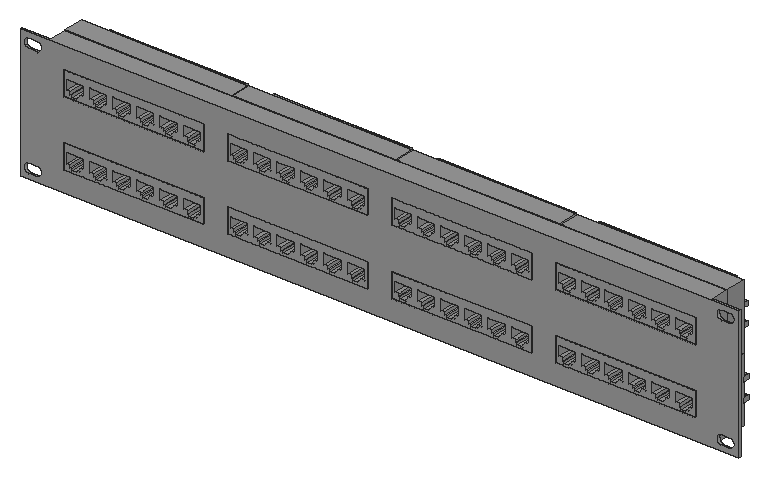
Revit family "ITK_Патч-панель 19-дюймовое крепление_2U_категория 5E UTP GENERICA_48 портов", category Обобщенные модели, Revit 2019
Family settings
  Может служить основой для арматурных стержней = Нет
  Размер круглого соединителя = Использовать диаметр
  Тип детали = Нормальный
  На основе рабочей плоскости = Нет
  Всегда вертикально = Да
  При загрузке вырезать с полостями = Нет
  Общий = Нет
  Точка расчета площади = Нет
Parameters (values of type "PP48-2UC5EU-K05-G")
  Ширина = 482.6 mm
  Материал = Окраска - RAL 9005
  Изготовитель = "ITK"  # constant formula
  Дата изменения = ""
  Глубина = 37.3 mm
  Высота = 88 mm
  URL = "https://www.iek.ru/"
  KSI_CPr_Строительные изделия = "27.12.31.61.1.04.09-1090"  # constant formula
  KSI_CMa_Строительные материалы = "10.03.02.06"  # constant formula
  IEK_Цена за единицу = 3690.22
  IEK_Поиск в таблице имен = ""
  IEK_Описание = "Патч-панели для монтажа в 19\" шкаф или стойку соответствуют стандарту 19\" (482,6 мм), имеют отверстия с левой и правой стороны для крепления на профиль, производятся высотой 1 или 2 юнита.\r\nНа передней стороне все патч-панели ITK имеют специальную площадку для дополнительной маркировки и цифровую нумерацию портов, на обратной стороне модули IDC имеют цветовую и цифровую нумерацию. Патч-панели соответствуют международным стандартам. Поставляются в картонной коробке с крепежом."
  IEK_URL = "https://generica.su/catalog/?page=detail&article=PP48-2UC5EU-K05-G"
  ADSK_Примечание = ""
  ADSK_Позиция [instance] = ""
  ADSK_Наименование = "Патч-панель 2U кат. 5Е UTP 48 портов (Krone) GENERICA"
  ADSK_Материал обозначение = ""
  ADSK_Материал наименование = "Металл и АБС-пластик"  # constant formula
  ADSK_Масса = 0
  ADSK_Марка = ""  # constant formula
  ADSK_Код изделия = "PP48-2UC5EU-K05-G"
  ADSK_Завод-изготовитель = "IEK"  # constant formula
  ADSK_Единица измерения = "шт"  # constant formula
  ADSK_Группирование = "I. ЩИТЫ И ПУЛЬТЫ"  # constant formula
  ADSK_Версия семейства = "1.0"  # constant formula
  ADSK_Версия Revit = "2019"  # constant formula
  ADSK_URL страницы изделия = "https://generica.su/catalog/?page=section&id=4935"
Reference planes
  plane 1 "По центру (Вперед/Назад)": y = 0
  plane 2: z = 0
  plane 3 "По центру (Влево/Вправо)": x = 0
Forms (mm)
  Extrusion 1, solid, material "Окраска - RAL 9005" <- "Материал", detail levels fine
    sketch origin (0, 0, 0) x (1, 0, 0) y (0, 1, 0)
      loop
        line (222, 1.5) -> (222, 27.5) -> (-222, 27.5) -> (-222, 1.5) -> (-241, 1.5) -> (-241, 0) -> (241, 0) -> (241, 1.5) -> (222, 1.5)
    from 88 to 0
  Extrusion 2, void
    sketch origin (0, 0, 0) x (1, 0, 0) y (0, 0, 1)
      loop
        line (-222, 0) -> (222, 0) -> (222, 88) -> (-222, 88) -> (-222, 0)
      loop
        line (221.8, 87.8) -> (-221.8, 87.8) -> (-221.8, 43.8) -> (-221.8, 0.2) -> (221.8, 0.2) -> (221.8, 87.8)
    from -13.5 to -13.7
  Extrusion 3, void
    sketch origin (0, 0, 0) x (1, 0, 0) y (0, 1, 0)
      loop
        line (-110.25, 31.5) -> (-110.25, 13.5) -> (-109.457, 13.5) -> (-109.457, 31.5) -> (-110.25, 31.5)
      loop
        line (-0.25, 31.5) -> (-0.25, 13.5) -> (0.543, 13.5) -> (0.543, 31.5) -> (-0.25, 31.5)
      loop
        line (109.75, 31.5) -> (109.75, 13.5) -> (110.543, 13.5) -> (110.543, 31.5) -> (109.75, 31.5)
    from 88 to 0
  Extrusion 4, solid, material "Окраска - RAL 9005" <- "Материал", detail levels fine
    sketch origin (0, 0, 0) x (0, 1, 0) y (0, 0, 1)
      loop
        line (35.5, 35) -> (37.5, 36.155) -> (37.5, 37.845) -> (35.5, 39) -> (31, 39) -> (31, 40) -> (29.5, 40) -> (28.5, 39) -> (27.5, 40) -> (27.5, 34) -> (28.5, 35) -> (29.5, 34) -> (31, 34) -> (31, 35) -> (35.5, 35)
      loop
        line (35.5, 5) -> (37.5, 6.155) -> (37.5, 7.845) -> (35.5, 9) -> (31, 9) -> (31, 10) -> (29.5, 10) -> (28.5, 9) -> (27.5, 10) -> (27.5, 4) -> (28.5, 5) -> (29.5, 4) -> (31, 4) -> (31, 5) -> (35.5, 5)
      loop
        line (35.5, 79) -> (37.5, 80.155) -> (37.5, 81.845) -> (35.5, 83) -> (31, 83) -> (31, 84) -> (29.5, 84) -> (28.5, 83) -> (27.5, 84) -> (27.5, 78) -> (28.5, 79) -> (29.5, 78) -> (31, 78) -> (31, 79) -> (35.5, 79)
      loop
        line (35.5, 49) -> (37.5, 50.155) -> (37.5, 51.845) -> (35.5, 53) -> (31, 53) -> (31, 54) -> (29.5, 54) -> (28.5, 53) -> (27.5, 54) -> (27.5, 48) -> (28.5, 49) -> (29.5, 48) -> (31, 48) -> (31, 49) -> (35.5, 49)
    from -118.225 to -209.525
  Extrusion 5, solid, material "Окраска - RAL 9005" <- "Материал", detail levels fine
    sketch origin (110, 0, 0) x (0, 1, 0) y (0, 0, 1)
      loop
        line (35.5, 35) -> (37.5, 36.155) -> (37.5, 37.845) -> (35.5, 39) -> (31, 39) -> (31, 40) -> (29.5, 40) -> (28.5, 39) -> (27.5, 40) -> (27.5, 34) -> (28.5, 35) -> (29.5, 34) -> (31, 34) -> (31, 35) -> (35.5, 35)
      loop
        line (35.5, 5) -> (37.5, 6.155) -> (37.5, 7.845) -> (35.5, 9) -> (31, 9) -> (31, 10) -> (29.5, 10) -> (28.5, 9) -> (27.5, 10) -> (27.5, 4) -> (28.5, 5) -> (29.5, 4) -> (31, 4) -> (31, 5) -> (35.5, 5)
    from -118.225 to -209.525
  Extrusion 6, solid, material "Окраска - RAL 9005" <- "Материал", detail levels fine
    sketch origin (220, 0, 0) x (0, 1, 0) y (0, 0, 1)
      loop
        line (35.5, 35) -> (37.5, 36.155) -> (37.5, 37.845) -> (35.5, 39) -> (31, 39) -> (31, 40) -> (29.5, 40) -> (28.5, 39) -> (27.5, 40) -> (27.5, 34) -> (28.5, 35) -> (29.5, 34) -> (31, 34) -> (31, 35) -> (35.5, 35)
      loop
        line (35.5, 5) -> (37.5, 6.155) -> (37.5, 7.845) -> (35.5, 9) -> (31, 9) -> (31, 10) -> (29.5, 10) -> (28.5, 9) -> (27.5, 10) -> (27.5, 4) -> (28.5, 5) -> (29.5, 4) -> (31, 4) -> (31, 5) -> (35.5, 5)
    from -118.225 to -209.525
  Extrusion 7, solid, material "Окраска - RAL 9005" <- "Материал", detail levels fine
    sketch origin (330, 0, 0) x (0, 1, 0) y (0, 0, 1)
      loop
        line (35.5, 35) -> (37.5, 36.155) -> (37.5, 37.845) -> (35.5, 39) -> (31, 39) -> (31, 40) -> (29.5, 40) -> (28.5, 39) -> (27.5, 40) -> (27.5, 34) -> (28.5, 35) -> (29.5, 34) -> (31, 34) -> (31, 35) -> (35.5, 35)
      loop
        line (35.5, 5) -> (37.5, 6.155) -> (37.5, 7.845) -> (35.5, 9) -> (31, 9) -> (31, 10) -> (29.5, 10) -> (28.5, 9) -> (27.5, 10) -> (27.5, 4) -> (28.5, 5) -> (29.5, 4) -> (31, 4) -> (31, 5) -> (35.5, 5)
    from -118.225 to -209.525
  Extrusion 8, solid, material "Окраска - RAL 9005" <- "Материал", detail levels fine
    sketch origin (0, 0, 0) x (0, 1, 0) y (0, 0, 1)
      loop
        line (27.5, 17.25) -> (27.5, 14.25) -> (31.5, 14.25) -> (31.5, 17.25) -> (27.5, 17.25)
      loop
        line (27.5, 26.75) -> (31.5, 26.75) -> (31.5, 29.75) -> (27.5, 29.75) -> (27.5, 26.75)
    from 9.25 to 0.543
  Extrusion 9, solid, material "Окраска - RAL 9005" <- "Материал", detail levels fine
    sketch origin (-9.5, 0, 0) x (0, 1, 0) y (0, 0, 1)
      loop
        line (27.5, 17.25) -> (27.5, 14.25) -> (31.5, 14.25) -> (31.5, 17.25) -> (27.5, 17.25)
      loop
        line (27.5, 26.75) -> (31.5, 26.75) -> (31.5, 29.75) -> (27.5, 29.75) -> (27.5, 26.75)
    from 9.25 to 0.543
  Extrusion 10, solid, material "Окраска - RAL 9005" <- "Материал", detail levels fine
    sketch origin (-110, 0, 0) x (0, 1, 0) y (0, 0, 1)
      loop
        line (27.5, 17.25) -> (27.5, 14.25) -> (31.5, 14.25) -> (31.5, 17.25) -> (27.5, 17.25)
      loop
        line (27.5, 26.75) -> (31.5, 26.75) -> (31.5, 29.75) -> (27.5, 29.75) -> (27.5, 26.75)
    from 9.25 to 0.543
  Extrusion 11, solid, material "Окраска - RAL 9005" <- "Материал", detail levels fine
    sketch origin (-119.5, 0, 0) x (0, 1, 0) y (0, 0, 1)
      loop
        line (27.5, 17.25) -> (27.5, 14.25) -> (31.5, 14.25) -> (31.5, 17.25) -> (27.5, 17.25)
      loop
        line (27.5, 26.75) -> (31.5, 26.75) -> (31.5, 29.75) -> (27.5, 29.75) -> (27.5, 26.75)
    from 9.25 to 0.543
  Extrusion 12, solid, material "Окраска - RAL 9005" <- "Материал", detail levels fine
    sketch origin (-222.25, 0, 0) x (0, 1, 0) y (0, 0, 1)
      loop
        line (27.5, 17.25) -> (27.5, 14.25) -> (31.5, 14.25) -> (31.5, 17.25) -> (27.5, 17.25)
      loop
        line (27.5, 26.75) -> (31.5, 26.75) -> (31.5, 29.75) -> (27.5, 29.75) -> (27.5, 26.75)
      loop
        line (27.5, 61.25) -> (27.5, 58.25) -> (31.5, 58.25) -> (31.5, 61.25) -> (27.5, 61.25)
      loop
        line (27.5, 70.75) -> (31.5, 70.75) -> (31.5, 73.75) -> (27.5, 73.75) -> (27.5, 70.75)
    from 9.25 to 0.543
  Extrusion 13, solid, material "Окраска - RAL 9005" <- "Материал", detail levels fine
    sketch origin (110, 0, 0) x (0, 1, 0) y (0, 0, 1)
      loop
        line (27.5, 17.25) -> (27.5, 14.25) -> (31.5, 14.25) -> (31.5, 17.25) -> (27.5, 17.25)
      loop
        line (27.5, 26.75) -> (31.5, 26.75) -> (31.5, 29.75) -> (27.5, 29.75) -> (27.5, 26.75)
    from 9.25 to 0.543
  Extrusion 14, solid, material "Окраска - RAL 9005" <- "Материал", detail levels fine
    sketch origin (100.5, 0, 0) x (0, 1, 0) y (0, 0, 1)
      loop
        line (27.5, 17.25) -> (27.5, 14.25) -> (31.5, 14.25) -> (31.5, 17.25) -> (27.5, 17.25)
      loop
        line (27.5, 26.75) -> (31.5, 26.75) -> (31.5, 29.75) -> (27.5, 29.75) -> (27.5, 26.75)
    from 9.25 to 0.543
  Extrusion 15, solid, material "Окраска - RAL 9005" <- "Материал", detail levels fine
    sketch origin (212.75, 0, 0) x (0, 1, 0) y (0, 0, 1)
      loop
        line (27.5, 17.25) -> (27.5, 14.25) -> (31.5, 14.25) -> (31.5, 17.25) -> (27.5, 17.25)
      loop
        line (27.5, 26.75) -> (31.5, 26.75) -> (31.5, 29.75) -> (27.5, 29.75) -> (27.5, 26.75)
    from 9.25 to 0.543
  Extrusion 16, void
    sketch origin (0, 0, 0) x (1, 0, 0) y (0, 0, 1)
      loop
        line (-118.2, 30.05) -> (-211.8, 30.05) -> (-211.8, 13.95) -> (-118.2, 13.95) -> (-118.2, 30.05)
      loop
        line (-212, 30.25) -> (-212, 13.75) -> (-118, 13.75) -> (-118, 30.25) -> (-212, 30.25)
      loop
        arc (-234.65, 9.85) -> (-238, 6.5) -> (-234.65, 3.15) r 3.35
        line (-234.65, 3.15) -> (-229.85, 3.15)
        arc (-229.85, 3.15) -> (-227.481, 4.131) -> (-226.5, 6.5) r 3.35
        arc (-226.5, 6.5) -> (-227.481, 8.869) -> (-229.85, 9.85) r 3.35
        line (-229.85, 9.85) -> (-234.65, 9.85)
      loop
        line (-8.2, 30.05) -> (-101.8, 30.05) -> (-101.8, 13.95) -> (-8.2, 13.95) -> (-8.2, 30.05)
      loop
        line (-102, 30.25) -> (-102, 13.75) -> (-8, 13.75) -> (-8, 30.25) -> (-102, 30.25)
      loop
        line (8, 30.25) -> (8, 13.75) -> (102, 13.75) -> (102, 30.25) -> (8, 30.25)
      loop
        line (101.8, 30.05) -> (8.2, 30.05) -> (8.2, 13.95) -> (101.8, 13.95) -> (101.8, 30.05)
      loop
        line (211.8, 30.05) -> (118.2, 30.05) -> (118.2, 13.95) -> (211.8, 13.95) -> (211.8, 30.05)
      loop
        line (118, 30.25) -> (118, 13.75) -> (212, 13.75) -> (212, 30.25) -> (118, 30.25)
      loop
        arc (229.85, 9.85) -> (226.5, 6.5) -> (229.85, 3.15) r 3.35
        line (229.85, 3.15) -> (234.65, 3.15)
        arc (234.65, 3.15) -> (237.019, 4.131) -> (238, 6.5) r 3.35
        arc (238, 6.5) -> (237.019, 8.869) -> (234.65, 9.85) r 3.35
        line (234.65, 9.85) -> (229.85, 9.85)
      loop
        line (-118.2, 74.05) -> (-211.8, 74.05) -> (-211.8, 57.95) -> (-118.2, 57.95) -> (-118.2, 74.05)
      loop
        line (-212, 74.25) -> (-212, 57.75) -> (-118, 57.75) -> (-118, 74.25) -> (-212, 74.25)
      loop
        line (-8.2, 74.05) -> (-101.8, 74.05) -> (-101.8, 57.95) -> (-8.2, 57.95) -> (-8.2, 74.05)
      loop
        line (-102, 74.25) -> (-102, 57.75) -> (-8, 57.75) -> (-8, 74.25) -> (-102, 74.25)
      loop
        line (8, 74.25) -> (8, 57.75) -> (102, 57.75) -> (102, 74.25) -> (8, 74.25)
      loop
        line (101.8, 74.05) -> (8.2, 74.05) -> (8.2, 57.95) -> (101.8, 57.95) -> (101.8, 74.05)
      loop
        line (211.8, 74.05) -> (118.2, 74.05) -> (118.2, 57.95) -> (211.8, 57.95) -> (211.8, 74.05)
      loop
        line (118, 74.25) -> (118, 57.75) -> (212, 57.75) -> (212, 74.25) -> (118, 74.25)
      loop
        line (-234.65, 78.15) -> (-229.85, 78.15)
        arc (-229.85, 78.15) -> (-227.481, 79.131) -> (-226.5, 81.5) r 3.35
        arc (-226.5, 81.5) -> (-227.481, 83.869) -> (-229.85, 84.85) r 3.35
        line (-229.85, 84.85) -> (-234.65, 84.85)
        arc (-234.65, 84.85) -> (-238, 81.5) -> (-234.65, 78.15) r 3.35
      loop
        line (229.85, 78.15) -> (234.65, 78.15)
        arc (234.65, 78.15) -> (237.019, 79.131) -> (238, 81.5) r 3.35
        arc (238, 81.5) -> (237.019, 83.869) -> (234.65, 84.85) r 3.35
        line (234.65, 84.85) -> (229.85, 84.85)
        arc (229.85, 84.85) -> (226.5, 81.5) -> (229.85, 78.15) r 3.35
    from -2 to 0
  Extrusion 17, void
    sketch origin (0, 0, 0) x (1, 0, 0) y (0, 0, 1)
      loop
        line (-198.4, 18.25) -> (-198.4, 25.05) -> (-210.1, 25.05) -> (-210.1, 18.25) -> (-207.5, 18.25) -> (-207.5, 16.55) -> (-206.25, 16.55) -> (-206.25, 15.25) -> (-202.25, 15.25) -> (-202.25, 16.55) -> (-201, 16.55) -> (-201, 18.25) -> (-198.4, 18.25)
      loop
        line (-182.7, 25.05) -> (-194.4, 25.05) -> (-194.4, 18.25) -> (-191.8, 18.25) -> (-191.8, 16.55) -> (-190.55, 16.55) -> (-190.55, 15.25) -> (-186.55, 15.25) -> (-186.55, 16.55) -> (-185.3, 16.55) -> (-185.3, 18.25) -> (-182.7, 18.25) -> (-182.7, 25.05)
      loop
        line (-167, 25.05) -> (-178.7, 25.05) -> (-178.7, 18.25) -> (-176.1, 18.25) -> (-176.1, 16.55) -> (-174.85, 16.55) -> (-174.85, 15.25) -> (-170.85, 15.25) -> (-170.85, 16.55) -> (-169.6, 16.55) -> (-169.6, 18.25) -> (-167, 18.25) -> (-167, 25.05)
      loop
        line (-151.3, 25.05) -> (-163, 25.05) -> (-163, 18.25) -> (-160.4, 18.25) -> (-160.4, 16.55) -> (-159.15, 16.55) -> (-159.15, 15.25) -> (-155.15, 15.25) -> (-155.15, 16.55) -> (-153.9, 16.55) -> (-153.9, 18.25) -> (-151.3, 18.25) -> (-151.3, 25.05)
      loop
        line (-135.6, 25.05) -> (-147.3, 25.05) -> (-147.3, 18.25) -> (-144.7, 18.25) -> (-144.7, 16.55) -> (-143.45, 16.55) -> (-143.45, 15.25) -> (-139.45, 15.25) -> (-139.45, 16.55) -> (-138.2, 16.55) -> (-138.2, 18.25) -> (-135.6, 18.25) -> (-135.6, 25.05)
      loop
        line (-131.6, 25.05) -> (-131.6, 18.25) -> (-129, 18.25) -> (-129, 16.55) -> (-127.75, 16.55) -> (-127.75, 15.25) -> (-123.75, 15.25) -> (-123.75, 16.55) -> (-122.5, 16.55) -> (-122.5, 18.25) -> (-119.9, 18.25) -> (-119.9, 25.05) -> (-131.6, 25.05)
      loop
        line (-88.4, 25.05) -> (-100.1, 25.05) -> (-100.1, 18.25) -> (-97.5, 18.25) -> (-97.5, 16.55) -> (-96.25, 16.55) -> (-96.25, 15.25) -> (-92.25, 15.25) -> (-92.25, 16.55) -> (-91, 16.55) -> (-91, 18.25) -> (-88.4, 18.25) -> (-88.4, 25.05)
      loop
        line (-84.4, 25.05) -> (-84.4, 18.25) -> (-81.8, 18.25) -> (-81.8, 16.55) -> (-80.55, 16.55) -> (-80.55, 15.25) -> (-76.55, 15.25) -> (-76.55, 16.55) -> (-75.3, 16.55) -> (-75.3, 18.25) -> (-72.7, 18.25) -> (-72.7, 25.05) -> (-84.4, 25.05)
      loop
        line (-68.7, 25.05) -> (-68.7, 18.25) -> (-66.1, 18.25) -> (-66.1, 16.55) -> (-64.85, 16.55) -> (-64.85, 15.25) -> (-60.85, 15.25) -> (-60.85, 16.55) -> (-59.6, 16.55) -> (-59.6, 18.25) -> (-57, 18.25) -> (-57, 25.05) -> (-68.7, 25.05)
      loop
        line (-53, 25.05) -> (-53, 18.25) -> (-50.4, 18.25) -> (-50.4, 16.55) -> (-49.15, 16.55) -> (-49.15, 15.25) -> (-45.15, 15.25) -> (-45.15, 16.55) -> (-43.9, 16.55) -> (-43.9, 18.25) -> (-41.3, 18.25) -> (-41.3, 25.05) -> (-53, 25.05)
      loop
        line (-21.6, 25.05) -> (-21.6, 18.25) -> (-19, 18.25) -> (-19, 16.55) -> (-17.75, 16.55) -> (-17.75, 15.25) -> (-13.75, 15.25) -> (-13.75, 16.55) -> (-12.5, 16.55) -> (-12.5, 18.25) -> (-9.9, 18.25) -> (-9.9, 25.05) -> (-21.6, 25.05)
      loop
        line (-37.3, 25.05) -> (-37.3, 18.25) -> (-34.7, 18.25) -> (-34.7, 16.55) -> (-33.45, 16.55) -> (-33.45, 15.25) -> (-29.45, 15.25) -> (-29.45, 16.55) -> (-28.2, 16.55) -> (-28.2, 18.25) -> (-25.6, 18.25) -> (-25.6, 25.05) -> (-37.3, 25.05)
      loop
        line (9.9, 25.05) -> (9.9, 18.25) -> (12.5, 18.25) -> (12.5, 16.55) -> (13.75, 16.55) -> (13.75, 15.25) -> (17.75, 15.25) -> (17.75, 16.55) -> (19, 16.55) -> (19, 18.25) -> (21.6, 18.25) -> (21.6, 25.05) -> (9.9, 25.05)
      loop
        line (25.6, 25.05) -> (25.6, 18.25) -> (28.2, 18.25) -> (28.2, 16.55) -> (29.45, 16.55) -> (29.45, 15.25) -> (33.45, 15.25) -> (33.45, 16.55) -> (34.7, 16.55) -> (34.7, 18.25) -> (37.3, 18.25) -> (37.3, 25.05) -> (25.6, 25.05)
      loop
        line (41.3, 25.05) -> (41.3, 18.25) -> (43.9, 18.25) -> (43.9, 16.55) -> (45.15, 16.55) -> (45.15, 15.25) -> (49.15, 15.25) -> (49.15, 16.55) -> (50.4, 16.55) -> (50.4, 18.25) -> (53, 18.25) -> (53, 25.05) -> (41.3, 25.05)
      loop
        line (57, 25.05) -> (57, 18.25) -> (59.6, 18.25) -> (59.6, 16.55) -> (60.85, 16.55) -> (60.85, 15.25) -> (64.85, 15.25) -> (64.85, 16.55) -> (66.1, 16.55) -> (66.1, 18.25) -> (68.7, 18.25) -> (68.7, 25.05) -> (57, 25.05)
      loop
        line (72.7, 25.05) -> (72.7, 18.25) -> (75.3, 18.25) -> (75.3, 16.55) -> (76.55, 16.55) -> (76.55, 15.25) -> (80.55, 15.25) -> (80.55, 16.55) -> (81.8, 16.55) -> (81.8, 18.25) -> (84.4, 18.25) -> (84.4, 25.05) -> (72.7, 25.05)
      loop
        line (88.4, 25.05) -> (88.4, 18.25) -> (91, 18.25) -> (91, 16.55) -> (92.25, 16.55) -> (92.25, 15.25) -> (96.25, 15.25) -> (96.25, 16.55) -> (97.5, 16.55) -> (97.5, 18.25) -> (100.1, 18.25) -> (100.1, 25.05) -> (88.4, 25.05)
      loop
        line (119.9, 25.05) -> (119.9, 18.25) -> (122.5, 18.25) -> (122.5, 16.55) -> (123.75, 16.55) -> (123.75, 15.25) -> (127.75, 15.25) -> (127.75, 16.55) -> (129, 16.55) -> (129, 18.25) -> (131.6, 18.25) -> (131.6, 25.05) -> (119.9, 25.05)
      loop
        line (135.6, 25.05) -> (135.6, 18.25) -> (138.2, 18.25) -> (138.2, 16.55) -> (139.45, 16.55) -> (139.45, 15.25) -> (143.45, 15.25) -> (143.45, 16.55) -> (144.7, 16.55) -> (144.7, 18.25) -> (147.3, 18.25) -> (147.3, 25.05) -> (135.6, 25.05)
      loop
        line (151.3, 25.05) -> (151.3, 18.25) -> (153.9, 18.25) -> (153.9, 16.55) -> (155.15, 16.55) -> (155.15, 15.25) -> (159.15, 15.25) -> (159.15, 16.55) -> (160.4, 16.55) -> (160.4, 18.25) -> (163, 18.25) -> (163, 25.05) -> (151.3, 25.05)
      loop
        line (167, 25.05) -> (167, 18.25) -> (169.6, 18.25) -> (169.6, 16.55) -> (170.85, 16.55) -> (170.85, 15.25) -> (174.85, 15.25) -> (174.85, 16.55) -> (176.1, 16.55) -> (176.1, 18.25) -> (178.7, 18.25) -> (178.7, 25.05) -> (167, 25.05)
      loop
        line (182.7, 25.05) -> (182.7, 18.25) -> (185.3, 18.25) -> (185.3, 16.55) -> (186.55, 16.55) -> (186.55, 15.25) -> (190.55, 15.25) -> (190.55, 16.55) -> (191.8, 16.55) -> (191.8, 18.25) -> (194.4, 18.25) -> (194.4, 25.05) -> (182.7, 25.05)
      loop
        line (198.4, 25.05) -> (198.4, 18.25) -> (201, 18.25) -> (201, 16.55) -> (202.25, 16.55) -> (202.25, 15.25) -> (206.25, 15.25) -> (206.25, 16.55) -> (207.5, 16.55) -> (207.5, 18.25) -> (210.1, 18.25) -> (210.1, 25.05) -> (198.4, 25.05)
      loop
        line (-198.4, 62.25) -> (-198.4, 69.05) -> (-210.1, 69.05) -> (-210.1, 62.25) -> (-207.5, 62.25) -> (-207.5, 60.55) -> (-206.25, 60.55) -> (-206.25, 59.25) -> (-202.25, 59.25) -> (-202.25, 60.55) -> (-201, 60.55) -> (-201, 62.25) -> (-198.4, 62.25)
      loop
        line (-182.7, 69.05) -> (-194.4, 69.05) -> (-194.4, 62.25) -> (-191.8, 62.25) -> (-191.8, 60.55) -> (-190.55, 60.55) -> (-190.55, 59.25) -> (-186.55, 59.25) -> (-186.55, 60.55) -> (-185.3, 60.55) -> (-185.3, 62.25) -> (-182.7, 62.25) -> (-182.7, 69.05)
      loop
        line (-167, 69.05) -> (-178.7, 69.05) -> (-178.7, 62.25) -> (-176.1, 62.25) -> (-176.1, 60.55) -> (-174.85, 60.55) -> (-174.85, 59.25) -> (-170.85, 59.25) -> (-170.85, 60.55) -> (-169.6, 60.55) -> (-169.6, 62.25) -> (-167, 62.25) -> (-167, 69.05)
      loop
        line (-151.3, 69.05) -> (-163, 69.05) -> (-163, 62.25) -> (-160.4, 62.25) -> (-160.4, 60.55) -> (-159.15, 60.55) -> (-159.15, 59.25) -> (-155.15, 59.25) -> (-155.15, 60.55) -> (-153.9, 60.55) -> (-153.9, 62.25) -> (-151.3, 62.25) -> (-151.3, 69.05)
      loop
        line (-135.6, 69.05) -> (-147.3, 69.05) -> (-147.3, 62.25) -> (-144.7, 62.25) -> (-144.7, 60.55) -> (-143.45, 60.55) -> (-143.45, 59.25) -> (-139.45, 59.25) -> (-139.45, 60.55) -> (-138.2, 60.55) -> (-138.2, 62.25) -> (-135.6, 62.25) -> (-135.6, 69.05)
      loop
        line (-131.6, 69.05) -> (-131.6, 62.25) -> (-129, 62.25) -> (-129, 60.55) -> (-127.75, 60.55) -> (-127.75, 59.25) -> (-123.75, 59.25) -> (-123.75, 60.55) -> (-122.5, 60.55) -> (-122.5, 62.25) -> (-119.9, 62.25) -> (-119.9, 69.05) -> (-131.6, 69.05)
      loop
        line (-88.4, 69.05) -> (-100.1, 69.05) -> (-100.1, 62.25) -> (-97.5, 62.25) -> (-97.5, 60.55) -> (-96.25, 60.55) -> (-96.25, 59.25) -> (-92.25, 59.25) -> (-92.25, 60.55) -> (-91, 60.55) -> (-91, 62.25) -> (-88.4, 62.25) -> (-88.4, 69.05)
      loop
        line (-84.4, 69.05) -> (-84.4, 62.25) -> (-81.8, 62.25) -> (-81.8, 60.55) -> (-80.55, 60.55) -> (-80.55, 59.25) -> (-76.55, 59.25) -> (-76.55, 60.55) -> (-75.3, 60.55) -> (-75.3, 62.25) -> (-72.7, 62.25) -> (-72.7, 69.05) -> (-84.4, 69.05)
      loop
        line (-68.7, 69.05) -> (-68.7, 62.25) -> (-66.1, 62.25) -> (-66.1, 60.55) -> (-64.85, 60.55) -> (-64.85, 59.25) -> (-60.85, 59.25) -> (-60.85, 60.55) -> (-59.6, 60.55) -> (-59.6, 62.25) -> (-57, 62.25) -> (-57, 69.05) -> (-68.7, 69.05)
      loop
        line (-53, 69.05) -> (-53, 62.25) -> (-50.4, 62.25) -> (-50.4, 60.55) -> (-49.15, 60.55) -> (-49.15, 59.25) -> (-45.15, 59.25) -> (-45.15, 60.55) -> (-43.9, 60.55) -> (-43.9, 62.25) -> (-41.3, 62.25) -> (-41.3, 69.05) -> (-53, 69.05)
      loop
        line (-21.6, 69.05) -> (-21.6, 62.25) -> (-19, 62.25) -> (-19, 60.55) -> (-17.75, 60.55) -> (-17.75, 59.25) -> (-13.75, 59.25) -> (-13.75, 60.55) -> (-12.5, 60.55) -> (-12.5, 62.25) -> (-9.9, 62.25) -> (-9.9, 69.05) -> (-21.6, 69.05)
      loop
        line (-37.3, 69.05) -> (-37.3, 62.25) -> (-34.7, 62.25) -> (-34.7, 60.55) -> (-33.45, 60.55) -> (-33.45, 59.25) -> (-29.45, 59.25) -> (-29.45, 60.55) -> (-28.2, 60.55) -> (-28.2, 62.25) -> (-25.6, 62.25) -> (-25.6, 69.05) -> (-37.3, 69.05)
      loop
        line (9.9, 69.05) -> (9.9, 62.25) -> (12.5, 62.25) -> (12.5, 60.55) -> (13.75, 60.55) -> (13.75, 59.25) -> (17.75, 59.25) -> (17.75, 60.55) -> (19, 60.55) -> (19, 62.25) -> (21.6, 62.25) -> (21.6, 69.05) -> (9.9, 69.05)
      loop
        line (25.6, 69.05) -> (25.6, 62.25) -> (28.2, 62.25) -> (28.2, 60.55) -> (29.45, 60.55) -> (29.45, 59.25) -> (33.45, 59.25) -> (33.45, 60.55) -> (34.7, 60.55) -> (34.7, 62.25) -> (37.3, 62.25) -> (37.3, 69.05) -> (25.6, 69.05)
      loop
        line (41.3, 69.05) -> (41.3, 62.25) -> (43.9, 62.25) -> (43.9, 60.55) -> (45.15, 60.55) -> (45.15, 59.25) -> (49.15, 59.25) -> (49.15, 60.55) -> (50.4, 60.55) -> (50.4, 62.25) -> (53, 62.25) -> (53, 69.05) -> (41.3, 69.05)
      loop
        line (57, 69.05) -> (57, 62.25) -> (59.6, 62.25) -> (59.6, 60.55) -> (60.85, 60.55) -> (60.85, 59.25) -> (64.85, 59.25) -> (64.85, 60.55) -> (66.1, 60.55) -> (66.1, 62.25) -> (68.7, 62.25) -> (68.7, 69.05) -> (57, 69.05)
      loop
        line (72.7, 69.05) -> (72.7, 62.25) -> (75.3, 62.25) -> (75.3, 60.55) -> (76.55, 60.55) -> (76.55, 59.25) -> (80.55, 59.25) -> (80.55, 60.55) -> (81.8, 60.55) -> (81.8, 62.25) -> (84.4, 62.25) -> (84.4, 69.05) -> (72.7, 69.05)
      loop
        line (88.4, 69.05) -> (88.4, 62.25) -> (91, 62.25) -> (91, 60.55) -> (92.25, 60.55) -> (92.25, 59.25) -> (96.25, 59.25) -> (96.25, 60.55) -> (97.5, 60.55) -> (97.5, 62.25) -> (100.1, 62.25) -> (100.1, 69.05) -> (88.4, 69.05)
      loop
        line (119.9, 69.05) -> (119.9, 62.25) -> (122.5, 62.25) -> (122.5, 60.55) -> (123.75, 60.55) -> (123.75, 59.25) -> (127.75, 59.25) -> (127.75, 60.55) -> (129, 60.55) -> (129, 62.25) -> (131.6, 62.25) -> (131.6, 69.05) -> (119.9, 69.05)
      loop
        line (135.6, 69.05) -> (135.6, 62.25) -> (138.2, 62.25) -> (138.2, 60.55) -> (139.45, 60.55) -> (139.45, 59.25) -> (143.45, 59.25) -> (143.45, 60.55) -> (144.7, 60.55) -> (144.7, 62.25) -> (147.3, 62.25) -> (147.3, 69.05) -> (135.6, 69.05)
      loop
        line (151.3, 69.05) -> (151.3, 62.25) -> (153.9, 62.25) -> (153.9, 60.55) -> (155.15, 60.55) -> (155.15, 59.25) -> (159.15, 59.25) -> (159.15, 60.55) -> (160.4, 60.55) -> (160.4, 62.25) -> (163, 62.25) -> (163, 69.05) -> (151.3, 69.05)
      loop
        line (167, 69.05) -> (167, 62.25) -> (169.6, 62.25) -> (169.6, 60.55) -> (170.85, 60.55) -> (170.85, 59.25) -> (174.85, 59.25) -> (174.85, 60.55) -> (176.1, 60.55) -> (176.1, 62.25) -> (178.7, 62.25) -> (178.7, 69.05) -> (167, 69.05)
      loop
        line (182.7, 69.05) -> (182.7, 62.25) -> (185.3, 62.25) -> (185.3, 60.55) -> (186.55, 60.55) -> (186.55, 59.25) -> (190.55, 59.25) -> (190.55, 60.55) -> (191.8, 60.55) -> (191.8, 62.25) -> (194.4, 62.25) -> (194.4, 69.05) -> (182.7, 69.05)
      loop
        line (198.4, 69.05) -> (198.4, 62.25) -> (201, 62.25) -> (201, 60.55) -> (202.25, 60.55) -> (202.25, 59.25) -> (206.25, 59.25) -> (206.25, 60.55) -> (207.5, 60.55) -> (207.5, 62.25) -> (210.1, 62.25) -> (210.1, 69.05) -> (198.4, 69.05)
    from -20 to 0
  Extrusion 18, solid, detail levels coarse+medium
    sketch origin (0, 0, 0) x (1, 0, 0) y (0, 1, 0)
      loop
        line (-241, 0) -> (241, 0) -> (241, 37.5) -> (-241, 37.5) -> (-241, 0)
    from 88 <- "Высота" to 0
  Extrusion 19, solid, material "Окраска - RAL 9005" <- "Материал", detail levels fine
    sketch origin (0, 0, 0) x (0, 1, 0) y (0, 0, -1)
      loop
        line (35.5, -35) -> (31, -35) -> (31, -34) -> (29.5, -34) -> (28.5, -35) -> (27.5, -34) -> (27.5, -40) -> (28.5, -39) -> (29.5, -40) -> (31, -40) -> (31, -39) -> (35.5, -39) -> (37.5, -37.845) -> (37.5, -36.155) -> (35.5, -35)
      loop
        line (35.5, -5) -> (31, -5) -> (31, -4) -> (29.5, -4) -> (28.5, -5) -> (27.5, -4) -> (27.5, -10) -> (28.5, -9) -> (29.5, -10) -> (31, -10) -> (31, -9) -> (35.5, -9) -> (37.5, -7.845) -> (37.5, -6.155) -> (35.5, -5)
      loop
        line (35.5, -79) -> (31, -79) -> (31, -78) -> (29.5, -78) -> (28.5, -79) -> (27.5, -78) -> (27.5, -84) -> (28.5, -83) -> (29.5, -84) -> (31, -84) -> (31, -83) -> (35.5, -83) -> (37.5, -81.845) -> (37.5, -80.155) -> (35.5, -79)
      loop
        line (35.5, -49) -> (31, -49) -> (31, -48) -> (29.5, -48) -> (28.5, -49) -> (27.5, -48) -> (27.5, -54) -> (28.5, -53) -> (29.5, -54) -> (31, -54) -> (31, -53) -> (35.5, -53) -> (37.5, -51.845) -> (37.5, -50.155) -> (35.5, -49)
    from -118.225 to -209.525
  Extrusion 20, solid, material "Окраска - RAL 9005" <- "Материал", detail levels fine
    sketch origin (-107.75, 0, 0) x (0, 1, 0) y (0, 0, -1)
      loop
        line (35.5, -35) -> (31, -35) -> (31, -34) -> (29.5, -34) -> (28.5, -35) -> (27.5, -34) -> (27.5, -40) -> (28.5, -39) -> (29.5, -40) -> (31, -40) -> (31, -39) -> (35.5, -39) -> (37.5, -37.845) -> (37.5, -36.155) -> (35.5, -35)
      loop
        line (35.5, -5) -> (31, -5) -> (31, -4) -> (29.5, -4) -> (28.5, -5) -> (27.5, -4) -> (27.5, -10) -> (28.5, -9) -> (29.5, -10) -> (31, -10) -> (31, -9) -> (35.5, -9) -> (37.5, -7.845) -> (37.5, -6.155) -> (35.5, -5)
      loop
        line (35.5, -79) -> (31, -79) -> (31, -78) -> (29.5, -78) -> (28.5, -79) -> (27.5, -78) -> (27.5, -84) -> (28.5, -83) -> (29.5, -84) -> (31, -84) -> (31, -83) -> (35.5, -83) -> (37.5, -81.845) -> (37.5, -80.155) -> (35.5, -79)
      loop
        line (35.5, -49) -> (31, -49) -> (31, -48) -> (29.5, -48) -> (28.5, -49) -> (27.5, -48) -> (27.5, -54) -> (28.5, -53) -> (29.5, -54) -> (31, -54) -> (31, -53) -> (35.5, -53) -> (37.5, -51.845) -> (37.5, -50.155) -> (35.5, -49)
    from -118.225 to -209.525
  Extrusion 21, solid, material "Окраска - RAL 9005" <- "Материал", detail levels fine
    sketch origin (-217.75, 0, 0) x (0, 1, 0) y (0, 0, -1)
      loop
        line (35.5, -35) -> (31, -35) -> (31, -34) -> (29.5, -34) -> (28.5, -35) -> (27.5, -34) -> (27.5, -40) -> (28.5, -39) -> (29.5, -40) -> (31, -40) -> (31, -39) -> (35.5, -39) -> (37.5, -37.845) -> (37.5, -36.155) -> (35.5, -35)
      loop
        line (35.5, -5) -> (31, -5) -> (31, -4) -> (29.5, -4) -> (28.5, -5) -> (27.5, -4) -> (27.5, -10) -> (28.5, -9) -> (29.5, -10) -> (31, -10) -> (31, -9) -> (35.5, -9) -> (37.5, -7.845) -> (37.5, -6.155) -> (35.5, -5)
      loop
        line (35.5, -79) -> (31, -79) -> (31, -78) -> (29.5, -78) -> (28.5, -79) -> (27.5, -78) -> (27.5, -84) -> (28.5, -83) -> (29.5, -84) -> (31, -84) -> (31, -83) -> (35.5, -83) -> (37.5, -81.845) -> (37.5, -80.155) -> (35.5, -79)
      loop
        line (35.5, -49) -> (31, -49) -> (31, -48) -> (29.5, -48) -> (28.5, -49) -> (27.5, -48) -> (27.5, -54) -> (28.5, -53) -> (29.5, -54) -> (31, -54) -> (31, -53) -> (35.5, -53) -> (37.5, -51.845) -> (37.5, -50.155) -> (35.5, -49)
    from -118.225 to -209.525
  Extrusion 22, solid, material "Окраска - RAL 9005" <- "Материал", detail levels fine
    sketch origin (-119.793, 0, 0) x (0, 1, 0) y (0, 0, 1)
      loop
        line (27.5, 17.25) -> (27.5, 14.25) -> (31.5, 14.25) -> (31.5, 17.25) -> (27.5, 17.25)
      loop
        line (27.5, 26.75) -> (31.5, 26.75) -> (31.5, 29.75) -> (27.5, 29.75) -> (27.5, 26.75)
      loop
        line (27.5, 61.25) -> (27.5, 58.25) -> (31.5, 58.25) -> (31.5, 61.25) -> (27.5, 61.25)
      loop
        line (27.5, 70.75) -> (31.5, 70.75) -> (31.5, 73.75) -> (27.5, 73.75) -> (27.5, 70.75)
    from 9.25 to 0.543
  Extrusion 23, solid, material "Окраска - RAL 9005" <- "Материал", detail levels fine
    sketch origin (-110.293, 0, 0) x (0, 1, 0) y (0, 0, 1)
      loop
        line (27.5, 17.25) -> (27.5, 14.25) -> (31.5, 14.25) -> (31.5, 17.25) -> (27.5, 17.25)
      loop
        line (27.5, 26.75) -> (31.5, 26.75) -> (31.5, 29.75) -> (27.5, 29.75) -> (27.5, 26.75)
      loop
        line (27.5, 61.25) -> (27.5, 58.25) -> (31.5, 58.25) -> (31.5, 61.25) -> (27.5, 61.25)
      loop
        line (27.5, 70.75) -> (31.5, 70.75) -> (31.5, 73.75) -> (27.5, 73.75) -> (27.5, 70.75)
    from 9.25 to 0.543
  Extrusion 24, solid, material "Окраска - RAL 9005" <- "Материал", detail levels fine
    sketch origin (-9.793, 0, 0) x (0, 1, 0) y (0, 0, 1)
      loop
        line (27.5, 17.25) -> (27.5, 14.25) -> (31.5, 14.25) -> (31.5, 17.25) -> (27.5, 17.25)
      loop
        line (27.5, 26.75) -> (31.5, 26.75) -> (31.5, 29.75) -> (27.5, 29.75) -> (27.5, 26.75)
      loop
        line (27.5, 61.25) -> (27.5, 58.25) -> (31.5, 58.25) -> (31.5, 61.25) -> (27.5, 61.25)
      loop
        line (27.5, 70.75) -> (31.5, 70.75) -> (31.5, 73.75) -> (27.5, 73.75) -> (27.5, 70.75)
    from 9.25 to 0.543
  Extrusion 25, solid, material "Окраска - RAL 9005" <- "Материал", detail levels fine
    sketch origin (-0.293, 0, 0) x (0, 1, 0) y (0, 0, 1)
      loop
        line (27.5, 17.25) -> (27.5, 14.25) -> (31.5, 14.25) -> (31.5, 17.25) -> (27.5, 17.25)
      loop
        line (27.5, 26.75) -> (31.5, 26.75) -> (31.5, 29.75) -> (27.5, 29.75) -> (27.5, 26.75)
      loop
        line (27.5, 61.25) -> (27.5, 58.25) -> (31.5, 58.25) -> (31.5, 61.25) -> (27.5, 61.25)
      loop
        line (27.5, 70.75) -> (31.5, 70.75) -> (31.5, 73.75) -> (27.5, 73.75) -> (27.5, 70.75)
    from 9.25 to 0.543
  Extrusion 26, solid, material "Окраска - RAL 9005" <- "Материал", detail levels fine
    sketch origin (100.207, 0, 0) x (0, 1, 0) y (0, 0, 1)
      loop
        line (27.5, 17.25) -> (27.5, 14.25) -> (31.5, 14.25) -> (31.5, 17.25) -> (27.5, 17.25)
      loop
        line (27.5, 26.75) -> (31.5, 26.75) -> (31.5, 29.75) -> (27.5, 29.75) -> (27.5, 26.75)
      loop
        line (27.5, 61.25) -> (27.5, 58.25) -> (31.5, 58.25) -> (31.5, 61.25) -> (27.5, 61.25)
      loop
        line (27.5, 70.75) -> (31.5, 70.75) -> (31.5, 73.75) -> (27.5, 73.75) -> (27.5, 70.75)
    from 9.25 to 0.543
  Extrusion 27, solid, material "Окраска - RAL 9005" <- "Материал", detail levels fine
    sketch origin (109.707, 0, 0) x (0, 1, 0) y (0, 0, 1)
      loop
        line (27.5, 17.25) -> (27.5, 14.25) -> (31.5, 14.25) -> (31.5, 17.25) -> (27.5, 17.25)
      loop
        line (27.5, 26.75) -> (31.5, 26.75) -> (31.5, 29.75) -> (27.5, 29.75) -> (27.5, 26.75)
      loop
        line (27.5, 61.25) -> (27.5, 58.25) -> (31.5, 58.25) -> (31.5, 61.25) -> (27.5, 61.25)
      loop
        line (27.5, 70.75) -> (31.5, 70.75) -> (31.5, 73.75) -> (27.5, 73.75) -> (27.5, 70.75)
    from 9.25 to 0.543
  Extrusion 28, solid, material "Окраска - RAL 9005" <- "Материал", detail levels fine
    sketch origin (212.457, 0, 0) x (0, 1, 0) y (0, 0, 1)
      loop
        line (27.5, 17.25) -> (27.5, 14.25) -> (31.5, 14.25) -> (31.5, 17.25) -> (27.5, 17.25)
      loop
        line (27.5, 26.75) -> (31.5, 26.75) -> (31.5, 29.75) -> (27.5, 29.75) -> (27.5, 26.75)
      loop
        line (27.5, 61.25) -> (27.5, 58.25) -> (31.5, 58.25) -> (31.5, 61.25) -> (27.5, 61.25)
      loop
        line (27.5, 70.75) -> (31.5, 70.75) -> (31.5, 73.75) -> (27.5, 73.75) -> (27.5, 70.75)
    from 9.25 to 0.543
  Extrusion 29, void
    sketch origin (0, 0, 0) x (0, 1, 0) y (0, 0, 1)
      loop
        line (27.5, 44.405) -> (1.5, 44.405) -> (1.5, 43.595) -> (27.5, 43.595) -> (27.5, 44.405)
    from 226.124 to -227.468
Cuts and joins
  Extrusion 2, Extrusion 3, Extrusion 16, Extrusion 17, Extrusion 29 cuts Extrusion 1
  Extrusion 29 cuts Extrusion 18
Dimensions and locks
  aligned and locked: level to plane 2
  aligned and locked: cut or joined group of Extrusion 1, Extrusion 2, Extrusion 3, Extrusion 16, Extrusion 17, Extrusion 29 to Extrusion 2 sketch curve
  aligned and locked: cut or joined group of Extrusion 18, Extrusion 29 to cut or joined group of Extrusion 1, Extrusion 2, Extrusion 3, Extrusion 16, Extrusion 17, Extrusion 29
